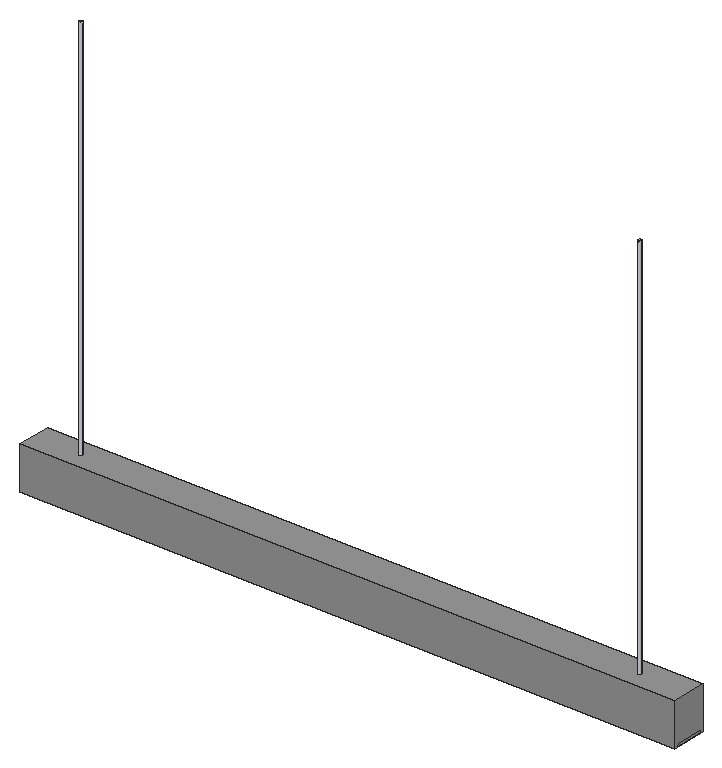
Revit family "HALIMALED_DALI_41_1200MM_4000k", category Lighting Fixtures, host Ceiling, Revit 2021
Family settings
  Host = Ceiling
  Round Connector Dimension = Use Diameter
  Part Type = Normal
  OmniClass Number = 23.80.70.11
  OmniClass Title = Luminaries for Internal Lighting
  Always vertical = Yes
  Cut with Voids When Loaded = No
  Light Source = Yes
  Shared = No
  Room Calculation Point = No
Parameters (values of type "Type 1")
  Wattage = 28.0056 W
  built-in parameter 1150110 = 1 (stored number, unit not read)
  Type de lampe = "LED Sanan"
  Type = "Profilé en saillie/suspension"
  built-in parameter 1114217 = 1 (stored number, unit not read)
  Tilt Angle = 90.00°
  Tension = "AC 220-240V"
  built-in parameter 1150109 = 1 (stored number, unit not read)
  built-in parameter 1150134 = 12
  built-in parameter 1150113 = 1 (stored number, unit not read)
  SDCM = "<3"
  Puissance nominale = "40W"
  Photometric Web File = "google_eulumdat_converter (3).ies"
  Matériau = "Aluminium anodisé"
  Maintien du flux = "L80B10 (50 000 heures)"
  Lumens = 4160 lm
  built-in parameter 1150115 = 1 (stored number, unit not read)
  built-in parameter 1150105 = 331.04 (stored number, unit not read)
  built-in parameter 1150137 = (empty or 0)
  built-in parameter 1150139 = (empty or 0)
  built-in parameter 1150112 = 1 (stored number, unit not read)
  built-in parameter 1150114 = 1 (stored number, unit not read)
  built-in parameter 1150132 = 2
  built-in parameter 1150102 = (empty or 0)
  built-in parameter 1150138 = (empty or 0)
  built-in parameter 1150107 = 4000 (stored number, unit not read)
  built-in parameter 1150106 = 3.3104 (stored number, unit not read)
  IRC = ">80"
  Fintion = "Gris"
  Emit from Line Length = 609.6 mm
  built-in parameter 1150104 = 13.8 (stored number, unit not read)
  Durée de vie = "50 000 heures"
  Driver = "Driver Tridonic en version 230V on/off et Boke en DALI"
  Dimming Lamp Color Temperature Shift = <None>
  Dimensions = "63x78 mm, L = 1200 mm"
  Diffuseur = "Capot diffusant microprismatique"
  Default Elevation = 0 mm
  Color Filter = 16777215
  built-in parameter 1114218 = 1 (stored number, unit not read)
  built-in parameter 1150133 = 10 (stored number, unit not read)
  Angle d'éclairage = "90°"
Reference planes
  plane 1 "Light Source Axis (F/B)": y = 0
  plane 2: z = 0
  plane 3 "Light Source Axis (L/R)": x = 0
  plane 4 "Ceiling": z = 4000
  plane 5 "Light Source Elevation": z = 3246.255
Forms (mm)
  Extrusion 1, solid, material "Aluminium anodisé gris"
    sketch origin (0, 0, 0) x (0, 1, 0) y (0, 0, 1)
      loop
        line (31.5, 3211) -> (31.5, 3289) -> (-31.5, 3289) -> (-31.5, 3211) -> (-26.5, 3211) -> (-26.5, 3286) -> (26.5, 3286) -> (26.5, 3211) -> (31.5, 3211)
    from -600 to 600
  Extrusion 2, solid, material "Aluminium anodisé gris"
    sketch origin (-895, 0, 0) x (1, 0, 0) y (0, 0, 1)
      loop
        line (1487.077, 3289) -> (1487.077, 3211) -> (1495, 3211) -> (1495, 3289) -> (1487.077, 3289)
      loop
        line (304.099, 3289) -> (295, 3289) -> (295, 3211) -> (304.099, 3211) -> (304.099, 3289)
    from -31.5 to 31.5
  Extrusion 3, solid, material "Glass, White, High Luminance"
    sketch origin (0, 0, 0) x (1, 0, 0) y (0, 0, 1)
      loop
        line (600, 3211) -> (600, 3214) -> (-600, 3214) -> (-600, 3211) -> (600, 3211)
    from -26.5 to 26.5
  Extrusion 4, solid
    sketch origin (-881.007, 0, 4000) x (0, -1, 0) y (1, 0, 0)
      loop
        circle (0, 1391.423) r 3
    from 0 to -711
  Extrusion 5, solid
    sketch origin (877.785, 0, 4000) x (0, 1, 0) y (-1, 0, 0)
      loop
        circle (0, 1391.423) r 3
    from 0 to -711
Cuts and joins
  joined: Extrusion 1, Extrusion 2
Lines and regions (mm)
  reference lines
    curve 1: line (0, 0, 3250) -> (0, 0, 3289)
    curve 2: line (-1500, 0, 3289) -> (-1500, 0, 3211)
    curve 3: line (0, 0, 3211) -> (0, -31.5, 3211)
    curve 4: line (0, -31.5, 3211) -> (0, -31.5, 3289)
    curve 5: line (0, -31.5, 3289) -> (0, 31.5, 3289)
    curve 6: line (0, 31.5, 3289) -> (0, 31.5, 3211)
    curve 7: line (0, 31.5, 3211) -> (0, 0, 3211)
    curve 8: line (0, 0, 3250) -> (-750, 0, 3250)
    curve 9: line (0, 0, 3250) -> (750, 0, 3250)
    curve 10: line (0, 0, 3246.255) -> (600, 0, 3246.255)
    curve 11: line (0, 0, 3246.255) -> (-600, 0, 3246.255)
Dimensions and locks
  equal spacing: host sketch curve, plane 3 "Light Source Axis (L/R)", host sketch curve
  equal spacing: host sketch curve, plane 1 "Light Source Axis (F/B)", host sketch curve
  host sketch curve to host sketch curve = 4000 mm  (x2)
  plane 4 "Ceiling" to host ceiling = 0 mm
  aligned and locked: plane 1 "Light Source Axis (F/B)" to imposter light
  aligned and locked: plane 5 "Light Source Elevation" to imposter light
